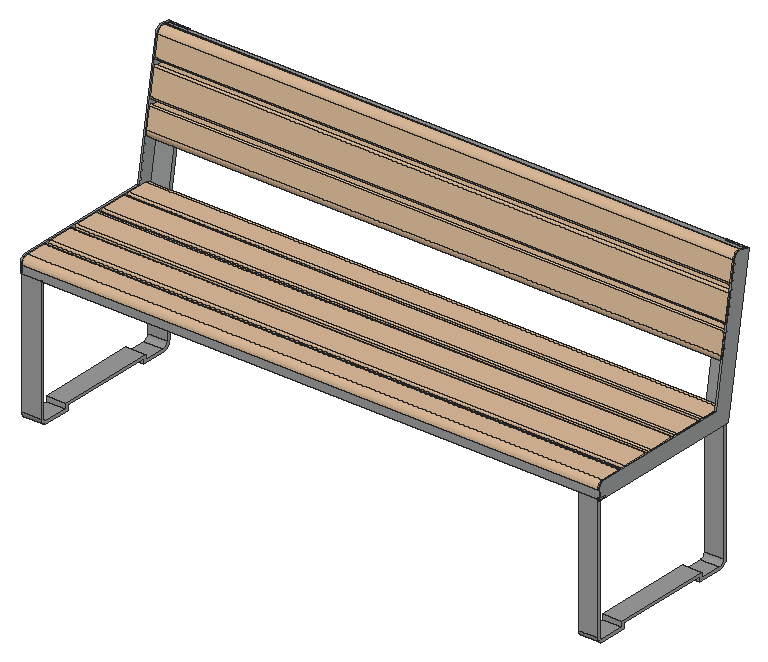
Revit family "1202-S-L", category Meble, Revit 2021
Family settings
  Numer OmniClass = 23.40.20.00
  Tytuł OmniClass = General Furniture and Specialties
  Oparty na płaszczyźnie roboczej = Nie
  Zawsze pionowo = Tak
  Tnij formami wycięć po wczytaniu = Nie
  Współdzielony = Nie
  Punkt obliczania pomieszczeń = Nie
Parameters (values of type "61202-S-L")
  wood = Mobilis Design Wood - Larch
  metal = Mobilis Design RAL 9023
  Width = "58 cm"
  Weight = "60 kg"
  URL = ""
  Seat height = "45 cm"
  Product line = "Tucana"
  Product Groups = ""
  Manufacturer = ""
  Keynote = ""
  Description = ""
  Model = "1202-S-L"
  Material = ""
  Maintenance = ""
  Lenght = "180 cm"
  Type Comments = ""
  Mobilis Design Materials = ""
  Hosted on = ""
  Height = "86 cm"
  Domyślna rzędna = 0 mm
  Copyright = "All designs and drawings are the common intellectual property of Lars Laj A/S and Tress and are protected by Danish and international copyright laws."
Reference planes
  plane 1 "front": y = 0
  plane 2: z = 0
  plane 3 "Środek (Lewa/Prawa)": x = 0
Forms (mm)
  Extrusion 1, solid, material "Mobilis Design Wood - Larch" <- "wood"
    sketch origin (0, -304.521, 21.46) x (0, 1, 0) y (0, 0, 1)
      loop
        arc (260.118, 430.04) -> (256.583, 428.576) -> (255.118, 425.04) r 5
        line (255.118, 425.04) -> (255.118, 388.972)
        arc (255.118, 388.972) -> (255.693, 387.586) -> (257.078, 387.012) r 1.96
        line (257.078, 387.012) -> (342.493, 387.012)
        arc (342.493, 387.012) -> (343.908, 387.598) -> (344.493, 389.012) r 2
        line (344.493, 389.012) -> (344.493, 425.04)
        arc (344.493, 425.04) -> (343.029, 428.576) -> (339.493, 430.04) r 5
        line (339.493, 430.04) -> (260.118, 430.04)
    from -895 to 895
  Extrusion 2, solid, material "Mobilis Design Wood - Larch" <- "wood"
    sketch origin (0, -406.971, 21.46) x (0, 1, 0) y (0, 0, 1)
      loop
        arc (260.118, 430.04) -> (256.583, 428.576) -> (255.118, 425.04) r 5
        line (255.118, 425.04) -> (255.118, 388.972)
        arc (255.118, 388.972) -> (255.693, 387.586) -> (257.078, 387.012) r 1.96
        line (257.078, 387.012) -> (342.493, 387.012)
        arc (342.493, 387.012) -> (343.908, 387.598) -> (344.493, 389.012) r 2
        line (344.493, 389.012) -> (344.493, 425.04)
        arc (344.493, 425.04) -> (343.029, 428.576) -> (339.493, 430.04) r 5
        line (339.493, 430.04) -> (260.118, 430.04)
    from -895 to 895
  Extrusion 3, solid, material "Mobilis Design Wood - Larch" <- "wood"
    sketch origin (0, -509.471, 21.46) x (0, 1, 0) y (0, 0, 1)
      loop
        arc (275.801, 430.04) -> (261.246, 423.784) -> (255.768, 408.918) r 20.061
        line (255.768, 408.918) -> (259.825, 408.918) -> (259.825, 387.013) -> (343.118, 387.013)
        arc (343.118, 387.013) -> (344.532, 387.598) -> (345.117, 389.012) r 1.999
        line (345.117, 389.012) -> (345.117, 425.043)
        arc (345.117, 425.043) -> (343.653, 428.577) -> (340.119, 430.04) r 4.998
        line (340.119, 430.04) -> (275.801, 430.04)
    from -895 to 895
  Extrusion 4, solid, material "Mobilis Design Wood - Larch" <- "wood"
    sketch origin (0, -201.971, 23.25) x (0, 1, 0) y (0, 0, 1)
      loop
        arc (260.118, 428.25) -> (256.583, 426.786) -> (255.118, 423.25) r 5
        line (255.118, 423.25) -> (255.118, 387.182)
        arc (255.118, 387.182) -> (255.693, 385.796) -> (257.078, 385.222) r 1.96
        line (257.078, 385.222) -> (342.493, 385.222)
        arc (342.493, 385.222) -> (343.908, 385.808) -> (344.493, 387.222) r 2
        line (344.493, 387.222) -> (344.493, 423.25)
        arc (344.493, 423.25) -> (343.029, 426.786) -> (339.493, 428.25) r 5
        line (339.493, 428.25) -> (260.118, 428.25)
    from -895 to 895
  Extrusion 5, solid, material "Mobilis Design Wood - Larch" <- "wood"
    sketch origin (0, 639.233, 450.045) x (0, 0.173648, 0.984808) y (0, -0.984808, 0.173648)
      loop
        arc (260.118, 430.036) -> (256.583, 428.571) -> (255.118, 425.036) r 5
        line (255.118, 425.036) -> (255.118, 389.305)
        arc (255.118, 389.305) -> (255.693, 387.919) -> (257.078, 387.345) r 1.96
        line (257.078, 387.345) -> (340.844, 387.345) -> (341.198, 407.626) -> (343.945, 407.626)
        arc (343.945, 407.626) -> (337.497, 423.461) -> (321.714, 430.036) r 22.231
        line (321.714, 430.036) -> (260.118, 430.036)
    from -895 to 895
  Extrusion 6, solid, material "Mobilis Design Wood - Larch" <- "wood"
    sketch origin (0, 621.162, 348.398) x (0, 0.173648, 0.984808) y (0, -0.984808, 0.173648)
      loop
        arc (260.118, 429.703) -> (256.583, 428.239) -> (255.118, 424.703) r 5
        line (255.118, 424.703) -> (255.118, 388.972)
        arc (255.118, 388.972) -> (255.693, 387.586) -> (257.078, 387.012) r 1.96
        line (257.078, 387.012) -> (342.493, 387.012)
        arc (342.493, 387.012) -> (343.908, 387.598) -> (344.493, 389.012) r 2
        line (344.493, 389.012) -> (344.493, 424.703)
        arc (344.493, 424.703) -> (343.029, 428.239) -> (339.493, 429.703) r 5
        line (339.493, 429.703) -> (260.118, 429.703)
    from -895 to 895
  Extrusion 7, solid, material "Mobilis Design RAL 9023" <- "metal", not visible
    sketch origin (0, 0, 0) x (0, 1, 0) y (0, 0, 1)
      loop
        arc (71.187, 451.5) -> (57.045, 445.642) -> (51.187, 431.5) r 20
        line (51.187, 431.5) -> (51.187, 18.231)
        arc (51.187, 18.231) -> (56.527, 5.34) -> (69.418, 0) r 18.231
        line (69.418, 0) -> (153.638, 0) -> (153.638, 15) -> (448.638, 15) -> (448.638, 0) -> (527.023, 0)
        arc (527.023, 0) -> (542.307, 6.331) -> (548.638, 21.615) r 21.615
        line (548.638, 21.615) -> (548.638, 429.407)
        arc (548.638, 429.407) -> (542.168, 445.029) -> (526.545, 451.5) r 22.093
        line (526.545, 451.5) -> (71.187, 451.5)
    from 750.378 to 745
  Extrusion 8, solid, material "Mobilis Design RAL 9023" <- "metal", not visible
    sketch origin (0, 0, 0) x (0, 1, 0) y (0, 0, 1)
      loop
        line (548.638, 396.844) -> (629.375, 854.725) -> (601.836, 859.581)
        arc (601.836, 859.581) -> (585.224, 855.898) -> (576.082, 841.547) r 22.232
        line (576.082, 841.547) -> (507.306, 451.5) -> (526.545, 451.5)
        arc (526.545, 451.5) -> (542.168, 445.029) -> (548.638, 429.407) r 22.093
        line (548.638, 429.407) -> (548.638, 396.844)
    from 745 to 750.378
  Extrusion 9, solid, material "Mobilis Design RAL 9023" <- "metal"
    sketch origin (-150, -304.491, 0) x (0, -1, 0) y (0, 0, 1)
      loop
        line (-550.238, 405.913) -> (-51.187, 405.913) -> (-51.187, 431.5)
        arc (-51.187, 431.5) -> (-57.045, 445.642) -> (-71.187, 451.5) r 20
        line (-71.187, 451.5) -> (-507.306, 451.5) -> (-576.082, 841.547)
        arc (-576.082, 841.547) -> (-585.224, 855.898) -> (-601.836, 859.581) r 22.232
        line (-601.836, 859.581) -> (-629.375, 854.725) -> (-550.238, 405.913)
    from 745 to 750.378
  Extrusion 10, solid, material "Mobilis Design RAL 9023" <- "metal"
    sketch origin (0, -304.491, 0) x (0, 1, 0) y (0, 0, 1)
      loop
        line (548.638, 396.844) -> (629.375, 854.725) -> (621.989, 856.027) -> (543.073, 408.472) -> (51.187, 408.472) -> (51.187, 18.763)
        arc (51.187, 18.763) -> (56.683, 5.495) -> (69.95, 0) r 18.763
        line (69.95, 0) -> (153.638, 0) -> (153.638, 15) -> (448.638, 15) -> (448.638, 0) -> (525.342, 0)
        arc (525.342, 0) -> (541.815, 6.823) -> (548.638, 23.296) r 23.296
        line (548.638, 23.296) -> (548.638, 396.844)
      loop
        line (58.687, 401.902) -> (58.687, 18.763)
        arc (58.687, 18.763) -> (61.986, 10.799) -> (69.95, 7.5) r 11.263
        line (69.95, 7.5) -> (146.138, 7.5) -> (146.138, 22.5) -> (456.138, 22.5) -> (456.138, 7.5) -> (525.342, 7.5)
        arc (525.342, 7.5) -> (536.512, 12.127) -> (541.138, 23.296) r 15.796
        line (541.138, 23.296) -> (541.138, 397.5) -> (541.915, 401.902) -> (58.687, 401.902)
    from -895 to -835
  Extrusion 11, solid, material "Mobilis Design RAL 9023" <- "metal"
    sketch origin (0, -304.491, 0) x (0, 1, 0) y (0, 0, -1)
      loop
        line (548.638, -396.844) -> (548.638, -23.296)
        arc (548.638, -23.296) -> (541.815, -6.823) -> (525.342, 0) r 23.296
        line (525.342, 0) -> (448.638, 0) -> (448.638, -15) -> (153.638, -15) -> (153.638, 0) -> (69.95, 0)
        arc (69.95, 0) -> (56.683, -5.495) -> (51.187, -18.763) r 18.763
        line (51.187, -18.763) -> (51.187, -408.472) -> (543.073, -408.472) -> (621.989, -856.027) -> (629.375, -854.725) -> (548.638, -396.844)
      loop
        line (58.687, -401.902) -> (541.915, -401.902) -> (541.138, -397.5) -> (541.138, -23.296)
        arc (541.138, -23.296) -> (536.512, -12.127) -> (525.342, -7.5) r 15.796
        line (525.342, -7.5) -> (456.138, -7.5) -> (456.138, -22.5) -> (146.138, -22.5) -> (146.138, -7.5) -> (69.95, -7.5)
        arc (69.95, -7.5) -> (61.986, -10.799) -> (58.687, -18.763) r 11.263
        line (58.687, -18.763) -> (58.687, -401.902)
    from -895 to -835
  Extrusion 12, solid, material "Mobilis Design RAL 9023" <- "metal"
    sketch origin (0, -304.491, 0) x (0, 1, 0) y (0, 0, 1)
      loop
        line (576.994, 585.55) -> (621.177, 836.122) -> (618.561, 836.583) -> (574.378, 586.011) -> (576.994, 585.55)
      loop
        line (528.31, 408.472) -> (70.901, 408.472) -> (70.901, 405.913) -> (528.31, 405.913) -> (528.31, 408.472)
    from -250.845 to -310.616
  Extrusion 13, solid, material "Mobilis Design RAL 9023" <- "metal"
    sketch origin (0, -304.491, 0) x (0, 1, 0) y (0, 0, -1)
      loop
        line (576.994, -585.55) -> (574.378, -586.011) -> (618.561, -836.583) -> (621.177, -836.122) -> (576.994, -585.55)
      loop
        line (528.31, -408.472) -> (528.31, -405.913) -> (58.09, -405.913) -> (58.09, -408.472) -> (528.31, -408.472)
    from -255.616 to -315.616
  Extrusion 14, solid, material "Mobilis Design Wood - Larch" <- "wood"
    sketch origin (0, 499.415, 21.46) x (0, -1, 0) y (0, 0, -1)
      loop
        line (275.801, -430.04) -> (340.119, -430.04)
        arc (340.119, -430.04) -> (343.653, -428.577) -> (345.117, -425.043) r 4.998
        line (345.117, -425.043) -> (345.117, -389.012)
        arc (345.117, -389.012) -> (344.532, -387.598) -> (343.118, -387.013) r 1.999
        line (343.118, -387.013) -> (259.147, -387.013) -> (259.147, -408.135) -> (255.825, -408.135)
        arc (255.825, -408.135) -> (260.978, -423.497) -> (275.801, -430.04) r 20.061
    from -895 to 895
  Extrusion 15, solid, material "Mobilis Design Wood - Larch" <- "wood"
    sketch origin (0, 707.526, 836.251) x (0, -0.173648, -0.984808) y (0, 0.984808, -0.173648)
      loop
        line (260.118, -430.036) -> (321.714, -430.036)
        arc (321.714, -430.036) -> (337.886, -423.059) -> (343.907, -406.508) r 22.231
        line (343.907, -406.508) -> (341.178, -406.508) -> (340.844, -387.345) -> (257.078, -387.345)
        arc (257.078, -387.345) -> (255.693, -387.919) -> (255.118, -389.305) r 1.96
        line (255.118, -389.305) -> (255.118, -425.036)
        arc (255.118, -425.036) -> (256.583, -428.571) -> (260.118, -430.036) r 5
    from -895 to 895
  Extrusion 16, solid, material "Mobilis Design RAL 9023" <- "metal"
    sketch origin (0, -304.268, 0.091) x (0, 1, 0) y (0, 0, 1)
      loop
        line (624.848, 855.34) -> (604.709, 859.052) -> (604.207, 856.208) -> (621.46, 853.027) -> (618.538, 836.456) -> (621.274, 835.952) -> (624.848, 855.34)
    from -895 to 895
  Extrusion 17, solid, material "Mobilis Design RAL 9023" <- "metal"
    sketch origin (0, -8.956, 1586.114) x (0, 0.933988, -0.357304) y (0, 0.357304, 0.933988)
      loop
        line (624.848, -855.34) -> (620.859, -833.697) -> (618.14, -834.198) -> (621.46, -853.027) -> (602.963, -856.437) -> (603.465, -859.282) -> (624.848, -855.34)
    from -835 to 835
  Extrusion 18, solid, material "Mobilis Design RAL 9023" <- "metal"
    sketch origin (0, 700.438, 866.387) x (0, -0.179787, -0.983706) y (0, 0.983706, -0.179787)
      loop
        line (624.848, -855.34) -> (621.304, -835.947) -> (618.435, -836.475) -> (621.46, -853.027) -> (600.843, -856.828) -> (601.362, -859.669) -> (624.848, -855.34)
    from -895 to 900.378
  Extrusion 19, solid, material "Mobilis Design RAL 9023" <- "metal"
    sketch origin (0, -710.204, 866.397) x (0, 0.179787, -0.983706) y (0, 0.983706, 0.179787)
      loop
        line (624.848, 855.34) -> (601.344, 859.673) -> (600.825, 856.831) -> (621.46, 853.027) -> (618.434, 836.471) -> (621.304, 835.947) -> (624.848, 855.34)
    from -835 to 835
  Extrusion 20, solid, material "Mobilis Design RAL 9023" <- "metal"
    sketch origin (150, -304.491, 0) x (0, -1, 0) y (0, 0, -1)
      loop
        line (-549.53, -401.902) -> (-629.375, -854.725) -> (-601.836, -859.581)
        arc (-601.836, -859.581) -> (-585.224, -855.898) -> (-576.082, -841.547) r 22.232
        line (-576.082, -841.547) -> (-507.306, -451.5) -> (-71.187, -451.5)
        arc (-71.187, -451.5) -> (-57.045, -445.642) -> (-51.187, -431.5) r 20
        line (-51.187, -431.5) -> (-51.187, -401.902) -> (-549.53, -401.902)
    from 745 to 750.378
Lines and regions (mm)
  model lines, style "9"
    curve 1: line (-895, -744.003, 0) -> (-895, -750.003, 0)
    curve 2: line (-895, -444.003, 0) -> (-895, -438.003, 0)
Dimensions and locks
  Extrusion 1 sketch curve to Extrusion 1 sketch curve = 89.375 mm
  Extrusion 1 sketch curve to Extrusion 1 sketch curve = 43.028 mm
  Extrusion 2 sketch curve to Extrusion 2 sketch curve = 89.375 mm
  Extrusion 2 sketch curve to Extrusion 2 sketch curve = 43.028 mm
  Extrusion 3 sketch curve to Extrusion 3 sketch curve = 43.028 mm
  Extrusion 4 sketch curve to Extrusion 4 sketch curve = 89.375 mm
  Extrusion 4 sketch curve to Extrusion 4 sketch curve = 43.028 mm
  Extrusion 5 sketch curve to Extrusion 5 sketch curve = 42.691 mm
  Extrusion 6 sketch curve to Extrusion 6 sketch curve = 89.375 mm
  Extrusion 6 sketch curve to Extrusion 6 sketch curve = 42.691 mm
  Extrusion 14 sketch curve to Extrusion 14 sketch curve = 43.028 mm
  Extrusion 15 sketch curve to Extrusion 15 sketch curve = 42.691 mm
  aligned and locked: level to plane 2
